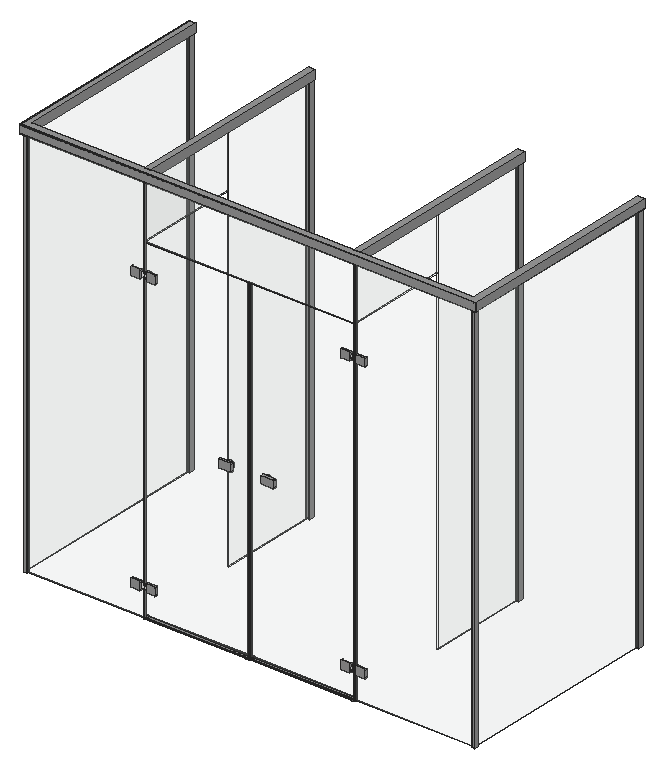
Revit family "Sanitary_Bath-screens_Modular system_Duscholux_SYSTEM210_S21-A", category Aparatos sanitarios, Revit 2019 (continued)
Definition of nested family "Lower- Guide"
  Dimensions and locks
    "built-in parameter 1001306": plane 3 "Izquierda" to plane 4 "Derecha"
    aligned and locked: plane 4 "Derecha" to curve 1
    aligned and locked: plane 1 "Centro (Frontal/Posterior)" to curve 1
    aligned and locked: plane 3 "Izquierda" to curve 1
    aligned and locked: level to plane 2
    aligned and locked: plane 4 "Derecha" to Extrusion 1
  Automatic sketch dimensions
    Extrusion 1 sketch curve to level = 0 mm  (x2)
    Extrusion 1 sketch curve to Extrusion 1 sketch curve = 0.4 mm  (x3)
    Extrusion 1 sketch curve to Extrusion 1 sketch curve = 0 mm  (x2)
    Extrusion 1 sketch curve to Extrusion 1 sketch curve = 1.5 mm  (x2)
    Extrusion 1 sketch curve to Extrusion 1 sketch curve = 1.454 mm
    Extrusion 1 sketch curve to level = 1.58 mm
    Extrusion 1 sketch curve to Extrusion 1 sketch curve = 3.301 mm
    level to Extrusion 1 sketch curve = 4.364 mm
    Extrusion 1 sketch curve to Extrusion 1 sketch curve = 2.632 mm
    Extrusion 1 sketch curve to level = 3.947 mm
    Extrusion 1 sketch curve to Extrusion 1 sketch curve = 2.921 mm
    Extrusion 1 sketch curve to Extrusion 1 sketch curve = 0.224 mm
    Extrusion 1 sketch curve to level = 3.111 mm
    Extrusion 1 sketch curve to Extrusion 1 sketch curve = 0.315 mm
    Extrusion 1 sketch curve to level = 5.874 mm
    Extrusion 1 sketch curve to Extrusion 1 sketch curve = 1.778 mm
    Extrusion 1 sketch curve to level = 1.508 mm
    Extrusion 1 sketch curve to level = 1.5 mm
    Extrusion 1 sketch curve to Extrusion 1 sketch curve = 0.003 mm
    level to Extrusion 1 sketch curve = 12 mm
    level to Extrusion 1 sketch curve = 0.15 mm
    plane 1 "Centro (Frontal/Posterior)" to Extrusion 1 sketch curve = 3 mm
    plane 1 "Centro (Frontal/Posterior)" to Extrusion 1 sketch curve = 3.5 mm
    Extrusion 1 sketch curve to Extrusion 1 sketch curve = 0.1 mm  (x2)
    Extrusion 1 sketch curve to plane 1 "Centro (Frontal/Posterior)" = 3 mm
    Extrusion 1 sketch curve to plane 1 "Centro (Frontal/Posterior)" = 3.5 mm
    Extrusion 1 sketch curve to Extrusion 1 sketch curve = 0.799 mm
    level to Extrusion 1 sketch curve = 3.802 mm
Definition of nested family "Handle-D4"
  Parameters (values of type "Handle-D4")
    Handle Visibility = yes
    Handle Material [instance] = none
    Default Elevation = 1219.2 mm
  Reference planes
    plane 1 "Centro (Frontal/Posterior)": y = 0
    plane 2: z = 0
    plane 3 "Centro (Izquierda/Derecha)": x = 0
    plane 4: z = 17
    plane 5: x = 26.33
    plane 6: x = -56.3
    plane 7: y = 25.94
    plane 8: y = -26.74
    plane 9: y = 18.94
    plane 10: x = 19.33
    plane 11: x = -49.3
    plane 12: y = -19.74
    plane 13: z = 27.017
  Forms (mm)
    Extrusion 1, solid
      sketch origin (0, 0, 0) x (1, 0, 0) y (0, 1, 0)
        loop
          line (-1219.2, 1219.2) -> (-1219.2, -1219.2) -> (1219.2, -1219.2) -> (1219.2, 1219.2) -> (-1219.2, 1219.2)
      from 0 to -304.8
    Blend 2, solid, material <- "Handle Material", visible <- "Handle Visibility"
      base sketch origin (0, 0, 0) x (1, 0, 0) y (0, 1, 0)
        loop
          circle (0, 0) r 22.026
      top sketch origin (0, 0, 0) x (1, 0, 0) y (0, 1, 0)
        loop
          circle (0, 0) r 23.473
      from 0 to 17
    Blend 3, solid, material <- "Handle Material", visible <- "Handle Visibility"
      base sketch origin (0, 0, 0) x (1, 0, 0) y (0, 1, 0)
        loop
          arc (-49.3, 25.94) -> (-54.25, 23.89) -> (-56.3, 18.94) r 7
          line (-56.3, 18.94) -> (-56.3, -19.74)
          arc (-56.3, -19.74) -> (-54.25, -24.69) -> (-49.3, -26.74) r 7
          line (-49.3, -26.74) -> (19.325, -26.74)
          arc (19.325, -26.74) -> (24.275, -24.69) -> (26.325, -19.74) r 7
          line (26.325, -19.74) -> (26.325, 18.94)
          arc (26.325, 18.94) -> (24.275, 23.89) -> (19.325, 25.94) r 7
          line (19.325, 25.94) -> (-49.3, 25.94)
      top sketch origin (0, 0, 0) x (1, 0, 0) y (0, 1, 0)
        loop
          line (19.325, 23.84) -> (-49.3, 23.84)
          arc (-49.3, 23.84) -> (-52.765, 22.405) -> (-54.2, 18.94) r 4.9
          line (-54.2, 18.94) -> (-54.2, -19.74)
          arc (-54.2, -19.74) -> (-52.765, -23.205) -> (-49.3, -24.64) r 4.9
          line (-49.3, -24.64) -> (19.325, -24.64)
          arc (19.325, -24.64) -> (22.79, -23.205) -> (24.225, -19.74) r 4.9
          line (24.225, -19.74) -> (24.225, 18.94)
          arc (24.225, 18.94) -> (22.79, 22.405) -> (19.325, 23.84) r 4.9
      from 17 to 27.017
  Cuts and joins
    joined: Blend 2, Blend 3
  Dimensions and locks
    aligned and locked: plane 2 to Extrusion 1
    aligned and locked: level to Extrusion 1
    aligned and locked: plane 4 to Blend 2
    aligned and locked: Blend 3 to plane 4
    aligned and locked: plane 13 to Blend 3
Types (22, lengths in mm): name | Uper profile guide | Handle Material | Frame Material | Accesories Material
  (no name) | Anodized Aluminium_Duscholux Material-Black Finish | Anodized Aluminium_Duscholux Material-Black Finish | Anodized Aluminium_Duscholux Material-Black Finish | Anodized Aluminium_Duscholux Material-Black Finish
  Black Aluminium Finish | Anodized Aluminium_Duscholux Material-Black Finish | Anodized Aluminium_Duscholux Material-Black Finish | Anodized Aluminium_Duscholux Material-Black Finish | Anodized Aluminium_Duscholux Material-Black Finish
  Black Aluminium Finish Superior guide Concrete PanElle | PanElle Concrete_Duscholux Material | Anodized Aluminium_Duscholux Material-Black Finish | Anodized Aluminium_Duscholux Material-Black Finish | Anodized Aluminium_Duscholux Material-Black Finish
  Black Aluminium Finish Superior guide Basalt gray PanElle | PanElle Basalt Gray_Duscholux Material | Anodized Aluminium_Duscholux Material-Black Finish | Anodized Aluminium_Duscholux Material-Black Finish | Anodized Aluminium_Duscholux Material-Black Finish
  Black Aluminium Finish Superior guide Metal gray PanElle | PanElle Metal Gray_Duscholux Material | Anodized Aluminium_Duscholux Material-Black Finish | Anodized Aluminium_Duscholux Material-Black Finish | Anodized Aluminium_Duscholux Material-Black Finish
  Black Aluminium Finish Superior guide White PanElle | PanElle White_Duscholux Material | Anodized Aluminium_Duscholux Material-Black Finish | Anodized Aluminium_Duscholux Material-Black Finish | Anodized Aluminium_Duscholux Material-Black Finish
  Black Aluminium Finish Superior guide Quartz PanElle | PanElle Quartz_DuscholuxMaterial | Anodized Aluminium_Duscholux Material-Black Finish | Anodized Aluminium_Duscholux Material-Black Finish | Anodized Aluminium_Duscholux Material-Black Finish
  Black Aluminium Finish Superior guide Graphite PanElle | PanElle Graphite_DuscholuxMaterial | Anodized Aluminium_Duscholux Material-Black Finish | Anodized Aluminium_Duscholux Material-Black Finish | Anodized Aluminium_Duscholux Material-Black Finish
  Platinum Aluminium Finish | Anodized Aluminium_Duscholux Material-Platinum Finish | Anodized Aluminium_Duscholux Material-Platinum Finish | Anodized Aluminium_Duscholux Material-Platinum Finish | Anodized Aluminium_Duscholux Material-Platinum Finish
  Platinum Aluminium Finish Superior guide Basalt gray PanElle | PanElle Basalt Gray_Duscholux Material | Anodized Aluminium_Duscholux Material-Platinum Finish | Anodized Aluminium_Duscholux Material-Platinum Finish | Anodized Aluminium_Duscholux Material-Platinum Finish
  Platinum Aluminium Finish Superior guide Metal gray PanElle | PanElle Metal Gray_Duscholux Material | Anodized Aluminium_Duscholux Material-Platinum Finish | Anodized Aluminium_Duscholux Material-Platinum Finish | Anodized Aluminium_Duscholux Material-Platinum Finish
  Platinum Aluminium Finish Superior guide Concrete PanElle | PanElle Concrete_Duscholux Material | Anodized Aluminium_Duscholux Material-Platinum Finish | Anodized Aluminium_Duscholux Material-Platinum Finish | Anodized Aluminium_Duscholux Material-Platinum Finish
  Platinum Aluminium Finish Superior guide Graphite PanElle | PanElle Graphite_DuscholuxMaterial | Anodized Aluminium_Duscholux Material-Platinum Finish | Anodized Aluminium_Duscholux Material-Platinum Finish | Anodized Aluminium_Duscholux Material-Platinum Finish
  Platinum Aluminium Finish Superior guide Quartz PanElle | PanElle Quartz_DuscholuxMaterial | Anodized Aluminium_Duscholux Material-Platinum Finish | Anodized Aluminium_Duscholux Material-Platinum Finish | Anodized Aluminium_Duscholux Material-Platinum Finish
  Platinum Aluminium Finish Superior guide White PanElle | PanElle White_Duscholux Material | Anodized Aluminium_Duscholux Material-Platinum Finish | Anodized Aluminium_Duscholux Material-Platinum Finish | Anodized Aluminium_Duscholux Material-Platinum Finish
  Matte Silver Aluminium Finish | Anodized Aluminium_Duscholux Material-Matte Silver Finish | Anodized Aluminium_Duscholux Material-Matte Silver Finish | Anodized Aluminium_Duscholux Material-Matte Silver Finish | Anodized Aluminium_Duscholux Material-Matte Silver Finish
  Matte Silver Aluminium Finish Superior guide Basalt gray PanElle | PanElle Basalt Gray_Duscholux Material | Anodized Aluminium_Duscholux Material-Matte Silver Finish | Anodized Aluminium_Duscholux Material-Matte Silver Finish | Anodized Aluminium_Duscholux Material-Matte Silver Finish
  Matte Silver Aluminium Finish Superior guide Metal gray PanElle | PanElle Metal Gray_Duscholux Material | Anodized Aluminium_Duscholux Material-Matte Silver Finish | Anodized Aluminium_Duscholux Material-Matte Silver Finish | Anodized Aluminium_Duscholux Material-Matte Silver Finish
  Matte Silver Aluminium Finish Superior guide Concrete PanElle | PanElle Concrete_Duscholux Material | Anodized Aluminium_Duscholux Material-Matte Silver Finish | Anodized Aluminium_Duscholux Material-Matte Silver Finish | Anodized Aluminium_Duscholux Material-Matte Silver Finish
  Matte Silver Aluminium Finish Superior guide Graphite PanElle | PanElle Graphite_DuscholuxMaterial | Anodized Aluminium_Duscholux Material-Matte Silver Finish | Anodized Aluminium_Duscholux Material-Matte Silver Finish | Anodized Aluminium_Duscholux Material-Matte Silver Finish
  Matte Silver Aluminium Finish Superior guide Quartz PanElle | PanElle Quartz_DuscholuxMaterial | Anodized Aluminium_Duscholux Material-Matte Silver Finish | Anodized Aluminium_Duscholux Material-Matte Silver Finish | Anodized Aluminium_Duscholux Material-Matte Silver Finish
  Matte Silver Aluminium Finish Superior guide White PanElle | PanElle White_Duscholux Material | Anodized Aluminium_Duscholux Material-Matte Silver Finish | Anodized Aluminium_Duscholux Material-Matte Silver Finish | Anodized Aluminium_Duscholux Material-Matte Silver Finish
